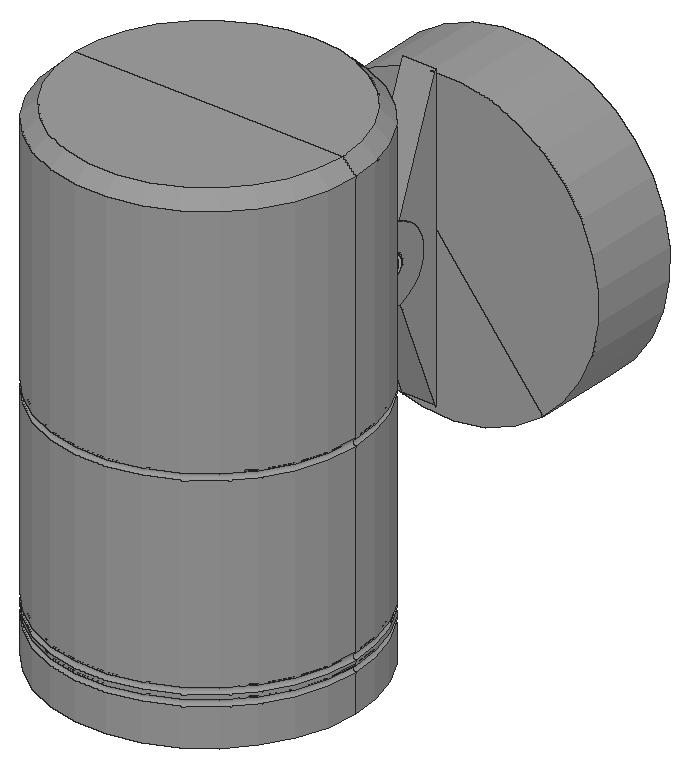
Revit family "LED WALL TUBE 03_LK0327WW.38", category Luminarias, Revit 2019
Family settings
  Cota de conector redondo = Diámetro de uso
  Tipo de pieza = Normal
  Se basa en plano de trabajo = Sí
  Siempre vertical = No
  Corte con vacíos al cargar = No
  Origen de luz = Sí
  Compartido = No
  Punto de cálculo de habitación = No
Parameters (values of type "LED WALL TUBE 03_LK0327WW.38")
  Ángulo de inclinación = 60.00°
  Ángulo de enfoque = 38.00°
  Ángulo de campo de foco = 38.00°
  Zone [instance] = ""
  Watt per fixture = 12.6
  Wattage = 12.6 W
  built-in parameter 1150107 = 3000 (stored number, unit not read)
  built-in parameter 1150110 = 1 (stored number, unit not read)
  built-in parameter 1150109 = 1 (stored number, unit not read)
  built-in parameter 1150112 = 1 (stored number, unit not read)
  built-in parameter 1150113 = 1 (stored number, unit not read)
  built-in parameter 1114218 = 1 (stored number, unit not read)
  Keynote = ""
  built-in parameter 1150137 = (empty or 0)
  built-in parameter 1150132 = (empty or 0)
  Modelo = "LK0327WW.38"
  Lámpara = "NICHIA"
  Longitud de símbolo de origen de luz = 500 mm
  built-in parameter 1150105 = 3196.3 (stored number, unit not read)
  built-in parameter 1150102 = (empty or 0)
  built-in parameter 1150106 = 31.963 (stored number, unit not read)
  Lumens = 955.962 lm
  Color Filter = 16777215
  built-in parameter 1114217 = 1 (stored number, unit not read)
  built-in parameter 1150139 = (empty or 0)
  Fabricante = "BRILLANT"
  Default Elevation = 0 mm
  built-in parameter 1150104 = 7.0486 (stored number, unit not read)
  Descripción = "LUMINARIA DIRIGIBLE (28 GRADOS POSITIVOS Y NEGATIVOS) TIPO ARBOTANTE, DE MATERIAL DE ALUMINIO FUNDIDO A PRESION, CUBIERTO CON POLVO GRIS OSCURO Y VIDRIO TEMPLADO DE 4MM CON UN PESO DE 1KG, CON 4 LED TIPO NICHIA CON UNA POTENCIA TOTAL DE 12.6W, 956 LUMENES, TEMPERATURA EN BLANCO CALIDO 3000K, IRC 80, IP 66, APERTURA DE  38 GRADOS POR PROYECTO, CORRIENTE DE OPERACIÓN 107mA, CABLE DE 2M, ALIMENTADO A 100-277VAC"
  built-in parameter 1150115 = 1 (stored number, unit not read)
  built-in parameter 1150114 = 1 (stored number, unit not read)
  Comentarios de vataje = "100-277V"
  built-in parameter 1150138 = (empty or 0)
  built-in parameter 1150134 = (empty or 0)
  Circuit [instance] = ""
  Dimming Lamp Color Temperature Shift = (empty or 0)
  built-in parameter 1150133 = 10 (stored number, unit not read)
Reference planes
  plane 1 "Centro (Frontal/Posterior)": y = 0
  plane 2: z = 0
  plane 3 "Centro (Izquierda/Derecha)": x = 0
Forms (mm)
  Revolve 1, solid, material "Cristal", not visible
    sketch origin (-152, 0, 0) x (0, 1, 0) y (0, 0, -1)
      loop
        line (0, -8.749) -> (0, -7.25) -> (-1.499, -7.25)
        arc (-1.499, -7.25) -> (-1.06, -8.31) -> (0, -8.749) r 1.499
      axis (0, -7.25) -> (-1.499, -7.25)
    angle from 0 to 360
  Revolve 2, solid, material "Cristal", not visible
    sketch origin (-136, 0, 0) x (0, 1, 0) y (0, 0, -1)
      loop
        line (0, -8.749) -> (0, -7.25) -> (-1.499, -7.25)
        arc (-1.499, -7.25) -> (-1.06, -8.31) -> (0, -8.749) r 1.499
      axis (0, -7.25) -> (-1.499, -7.25)
    angle from 0 to 360
  Revolve 3, solid, material "Cristal", not visible
    sketch origin (-120, 0, 0) x (0, 1, 0) y (0, 0, -1)
      loop
        line (0, -8.749) -> (0, -7.25) -> (-1.499, -7.25)
        arc (-1.499, -7.25) -> (-1.06, -8.31) -> (0, -8.749) r 1.499
      axis (0, -7.25) -> (-1.499, -7.25)
    angle from 0 to 360
  Revolve 4, solid, material "Cristal", not visible
    sketch origin (-104, 0, 0) x (0, 1, 0) y (0, 0, -1)
      loop
        line (0, -8.749) -> (0, -7.25) -> (-1.499, -7.25)
        arc (-1.499, -7.25) -> (-1.06, -8.31) -> (0, -8.749) r 1.499
      axis (0, -7.25) -> (-1.499, -7.25)
    angle from 0 to 360
  Revolve 5, solid, material "Cristal", not visible
    sketch origin (-88, 0, 0) x (0, 1, 0) y (0, 0, -1)
      loop
        line (0, -8.749) -> (0, -7.25) -> (-1.499, -7.25)
        arc (-1.499, -7.25) -> (-1.06, -8.31) -> (0, -8.749) r 1.499
      axis (0, -7.25) -> (-1.499, -7.25)
    angle from 0 to 360
  Revolve 6, solid, material "Cristal", not visible
    sketch origin (-72, 0, 0) x (0, 1, 0) y (0, 0, -1)
      loop
        line (0, -8.749) -> (0, -7.25) -> (-1.499, -7.25)
        arc (-1.499, -7.25) -> (-1.06, -8.31) -> (0, -8.749) r 1.499
      axis (0, -7.25) -> (-1.499, -7.25)
    angle from 0 to 360
  Revolve 7, solid, material "Cristal", not visible
    sketch origin (-56, 0, 0) x (0, 1, 0) y (0, 0, -1)
      loop
        line (0, -8.749) -> (0, -7.25) -> (-1.499, -7.25)
        arc (-1.499, -7.25) -> (-1.06, -8.31) -> (0, -8.749) r 1.499
      axis (0, -7.25) -> (-1.499, -7.25)
    angle from 0 to 360
  Revolve 8, solid, material "Cristal", not visible
    sketch origin (-40, 0, 0) x (0, 1, 0) y (0, 0, -1)
      loop
        line (0, -8.749) -> (0, -7.25) -> (-1.499, -7.25)
        arc (-1.499, -7.25) -> (-1.06, -8.31) -> (0, -8.749) r 1.499
      axis (0, -7.25) -> (-1.499, -7.25)
    angle from 0 to 360
  Revolve 9, solid, material "Cristal", not visible
    sketch origin (-24, 0, 0) x (0, 1, 0) y (0, 0, -1)
      loop
        line (0, -8.749) -> (0, -7.25) -> (-1.499, -7.25)
        arc (-1.499, -7.25) -> (-1.06, -8.31) -> (0, -8.749) r 1.499
      axis (0, -7.25) -> (-1.499, -7.25)
    angle from 0 to 360
  Revolve 10, solid, material "Cristal", not visible
    sketch origin (-8, 0, 0) x (0, 1, 0) y (0, 0, -1)
      loop
        line (0, -8.749) -> (0, -7.25) -> (-1.499, -7.25)
        arc (-1.499, -7.25) -> (-1.06, -8.31) -> (0, -8.749) r 1.499
      axis (0, -7.25) -> (-1.499, -7.25)
    angle from 0 to 360
  Revolve 11, solid, material "Cristal", not visible
    sketch origin (8, 0, 0) x (0, 1, 0) y (0, 0, -1)
      loop
        line (0, -8.749) -> (0, -7.25) -> (-1.499, -7.25)
        arc (-1.499, -7.25) -> (-1.06, -8.31) -> (0, -8.749) r 1.499
      axis (0, -7.25) -> (-1.499, -7.25)
    angle from 0 to 360
  Revolve 12, solid, material "Cristal", not visible
    sketch origin (24, 0, 0) x (0, 1, 0) y (0, 0, -1)
      loop
        line (0, -8.749) -> (0, -7.25) -> (-1.499, -7.25)
        arc (-1.499, -7.25) -> (-1.06, -8.31) -> (0, -8.749) r 1.499
      axis (0, -7.25) -> (-1.499, -7.25)
    angle from 0 to 360
  Revolve 13, solid, material "Cristal", not visible
    sketch origin (40, 0, 0) x (0, 1, 0) y (0, 0, -1)
      loop
        line (0, -8.749) -> (0, -7.25) -> (-1.499, -7.25)
        arc (-1.499, -7.25) -> (-1.06, -8.31) -> (0, -8.749) r 1.499
      axis (0, -7.25) -> (-1.499, -7.25)
    angle from 0 to 360
  Revolve 14, solid, material "Cristal", not visible
    sketch origin (56, 0, 0) x (0, 1, 0) y (0, 0, -1)
      loop
        line (0, -8.749) -> (0, -7.25) -> (-1.499, -7.25)
        arc (-1.499, -7.25) -> (-1.06, -8.31) -> (0, -8.749) r 1.499
      axis (0, -7.25) -> (-1.499, -7.25)
    angle from 0 to 360
  Revolve 15, solid, material "Cristal", not visible
    sketch origin (72, 0, 0) x (0, 1, 0) y (0, 0, -1)
      loop
        line (0, -8.749) -> (0, -7.25) -> (-1.499, -7.25)
        arc (-1.499, -7.25) -> (-1.06, -8.31) -> (0, -8.749) r 1.499
      axis (0, -7.25) -> (-1.499, -7.25)
    angle from 0 to 360
  Revolve 16, solid, material "Cristal", not visible
    sketch origin (88, 0, 0) x (0, 1, 0) y (0, 0, -1)
      loop
        line (0, -8.749) -> (0, -7.25) -> (-1.499, -7.25)
        arc (-1.499, -7.25) -> (-1.06, -8.31) -> (0, -8.749) r 1.499
      axis (0, -7.25) -> (-1.499, -7.25)
    angle from 0 to 360
  Revolve 17, solid, material "Cristal", not visible
    sketch origin (104, 0, 0) x (0, 1, 0) y (0, 0, -1)
      loop
        line (0, -8.749) -> (0, -7.25) -> (-1.499, -7.25)
        arc (-1.499, -7.25) -> (-1.06, -8.31) -> (0, -8.749) r 1.499
      axis (0, -7.25) -> (-1.499, -7.25)
    angle from 0 to 360
  Revolve 18, solid, material "Cristal", not visible
    sketch origin (120, 0, 0) x (0, 1, 0) y (0, 0, -1)
      loop
        line (0, -8.749) -> (0, -7.25) -> (-1.499, -7.25)
        arc (-1.499, -7.25) -> (-1.06, -8.31) -> (0, -8.749) r 1.499
      axis (0, -7.25) -> (-1.499, -7.25)
    angle from 0 to 360
  Revolve 19, solid, material "Cristal", not visible
    sketch origin (136, 0, 0) x (0, 1, 0) y (0, 0, -1)
      loop
        line (0, -8.749) -> (0, -7.25) -> (-1.499, -7.25)
        arc (-1.499, -7.25) -> (-1.06, -8.31) -> (0, -8.749) r 1.499
      axis (0, -7.25) -> (-1.499, -7.25)
    angle from 0 to 360
  Revolve 20, solid, material "Cristal", not visible
    sketch origin (152, 0, 0) x (0, 1, 0) y (0, 0, -1)
      loop
        line (0, -8.749) -> (0, -7.25) -> (-1.499, -7.25)
        arc (-1.499, -7.25) -> (-1.06, -8.31) -> (0, -8.749) r 1.499
      axis (0, -7.25) -> (-1.499, -7.25)
    angle from 0 to 360
  Revolve 21, solid, material "Aluminio"
    sketch origin (0, -91.494, 128.923) x (-1, 0, 0) y (0, 0, 1)
      loop
        line (0, 0) -> (-34.861, 0) -> (-38.427, -3.566) -> (-38.427, -64.797)
        arc (-38.427, -64.797) -> (-37.584, -65.639) -> (-38.427, -66.482) r 0.843
        line (-38.427, -66.482) -> (-38.427, -114.797)
        arc (-38.427, -114.797) -> (-37.584, -115.639) -> (-38.427, -116.482) r 0.843
        line (-38.427, -116.482) -> (-38.427, -117.609)
        arc (-38.427, -117.609) -> (-37.584, -118.452) -> (-38.427, -119.294) r 0.843
        line (-38.427, -119.294) -> (-38.427, -128.923) -> (-33.427, -128.923) -> (-30.991, -126.487) -> (-30.991, -120.325) -> (0, -120.325) -> (0, 0)
      axis (0, 0) -> (0, -128.923)
    angle from 0 to 360
  Revolve 22, solid, material "Aluminio"
    sketch origin (31.278, 0, 38.261) x (-0.62932, 0, 0.777146) y (0, -1, 0)
      loop
        line (78.411, 0) -> (78.411, 23) -> (38.411, 23) -> (38.411, 18) -> (77.004, 18) -> (77.004, 0) -> (78.411, 0)
      axis (38.411, 23) -> (38.411, 0)
    angle from 0 to 360
  Extrusion 23, solid, material "Aluminio"
    sketch origin (-1.9, 0, 18.891) x (0, 0, 1) y (0, -1, 0)
      loop
        circle (50.065, 37.838) r 10
      loop
        circle (50.065, 37.838) r 3.259
    from -3.1 to 6.9
  Extrusion 24, solid, material "Aluminio"
    sketch origin (-19.671, 0, 12.598) x (0, 0, 1) y (0, -1, 0)
      loop
        line (95.803, 22.75) -> (63.583, 35.658) -> (63.583, 40.158) -> (95.803, 53.733) -> (16.913, 53.733) -> (49.133, 40.158) -> (49.133, 35.658) -> (16.913, 22.75) -> (95.803, 22.75)
    from 15.32 to 24.022
  Extrusion 25, solid, material "Cristal"
    sketch origin (0, 0, 0) x (1, 0, 0) y (0, 1, 0)
      loop
        circle (0, -91.494) r 30.991
    from 2.436 to 2.939
  Extrusion 26, solid, material "Acero Inoxidable"
    sketch origin (-5.692, 0, 17.549) x (0, 0, 1) y (0, -1, 0)
      loop
        circle (51.408, 37.838) r 2.844
      loop
        line (53.768, 37.838) -> (52.588, 39.882) -> (50.227, 39.882) -> (49.047, 37.838) -> (50.227, 35.794) -> (52.588, 35.794) -> (53.768, 37.838)
    from 0.692 to 10.692
Dimensions and locks
  equal spacing: Extrusion 24, plane 3 "Centro (Izquierda/Derecha)", Extrusion 24
  equal spacing: Extrusion 23, plane 3 "Centro (Izquierda/Derecha)", Extrusion 23
  aligned and locked: level to plane 2
Automatic sketch dimensions
  plane 1 "Centro (Frontal/Posterior)" to Revolve 22 sketch curve = 0 mm
  plane 1 "Centro (Frontal/Posterior)" to Revolve 22 sketch curve = 18 mm
  Revolve 22 sketch curve to Revolve 22 sketch curve = 38.593 mm
  Revolve 22 sketch curve to Revolve 22 sketch curve = 1.407 mm
  Revolve 22 sketch curve to Revolve 22 sketch curve = 5 mm
  Revolve 22 sketch curve to Revolve 22 sketch curve = 0 mm  (x2)
  Revolve 22 sketch curve to plane 1 "Centro (Frontal/Posterior)" = 17 mm
  Extrusion 23 sketch curve to Extrusion 23 sketch curve = 0 mm  (x2)
  level to Extrusion 23 sketch curve = 68.956 mm
  plane 1 "Centro (Frontal/Posterior)" to Extrusion 23 sketch curve = 37.838 mm
  level to Extrusion 24 sketch curve = 29.511 mm  (x2)
  Extrusion 24 sketch curve to Extrusion 24 sketch curve = 32.221 mm  (x2)
  Extrusion 24 sketch curve to Extrusion 24 sketch curve = 14.449 mm
  plane 1 "Centro (Frontal/Posterior)" to Extrusion 24 sketch curve = 53.733 mm
  plane 1 "Centro (Frontal/Posterior)" to Extrusion 24 sketch curve = 22.75 mm
  Extrusion 24 sketch curve to Extrusion 24 sketch curve = 0 mm  (x2)
  Extrusion 24 sketch curve to Extrusion 24 sketch curve = 12.908 mm
  Extrusion 24 sketch curve to Extrusion 24 sketch curve = 4.501 mm  (x2)
  Extrusion 25 sketch curve to plane 3 "Centro (Izquierda/Derecha)" = 0 mm
  plane 1 "Centro (Frontal/Posterior)" to Extrusion 25 sketch curve = 91.494 mm
  Revolve 21 sketch curve to level = 0 mm
  Revolve 21 sketch curve to plane 3 "Centro (Izquierda/Derecha)" = 0 mm  (x2)
  level to Revolve 21 sketch curve = 2.436 mm
  plane 3 "Centro (Izquierda/Derecha)" to Revolve 21 sketch curve = 30.991 mm
  Revolve 21 sketch curve to Revolve 21 sketch curve = 2.436 mm
  Revolve 21 sketch curve to Revolve 21 sketch curve = 34.861 mm
  plane 3 "Centro (Izquierda/Derecha)" to Revolve 21 sketch curve = 38.427 mm
  level to Revolve 21 sketch curve = 8.598 mm
  Revolve 21 sketch curve to Revolve 21 sketch curve = 1.031 mm
  Revolve 21 sketch curve to Revolve 21 sketch curve = 0.843 mm  (x3)
  Revolve 21 sketch curve to Revolve 21 sketch curve = 1.127 mm
  Revolve 21 sketch curve to Revolve 21 sketch curve = 48.315 mm
  Revolve 21 sketch curve to Revolve 21 sketch curve = 61.231 mm
  Revolve 21 sketch curve to Revolve 21 sketch curve = 3.566 mm
  Revolve 21 sketch curve to level = 76.402 mm
  Revolve 21 sketch curve to Revolve 21 sketch curve = 0 mm
  level to Extrusion 26 sketch curve = 68.956 mm
  plane 1 "Centro (Frontal/Posterior)" to Extrusion 26 sketch curve = 37.838 mm
  radius of Extrusion 23 sketch curve = 10 mm
  radius of Extrusion 23 sketch curve = 3.259 mm
  radius of Extrusion 25 sketch curve = 30.991 mm
  radius of Extrusion 26 sketch curve = 2.844 mm
Connectors
  electrical at (7.105, 0, 68.112)
    settings: on Revolve 22, index 1, voltage 277 V, apparent load 0 VA, apparent load phase1 0 VA, apparent load phase2 0 VA, apparent load phase3 0 VA, power factor 1, load classification "Otro", number of poles 1, system type 31, power factor state 1, is connector primary yes, connector utility no, sub classification motor no, connector description ""
